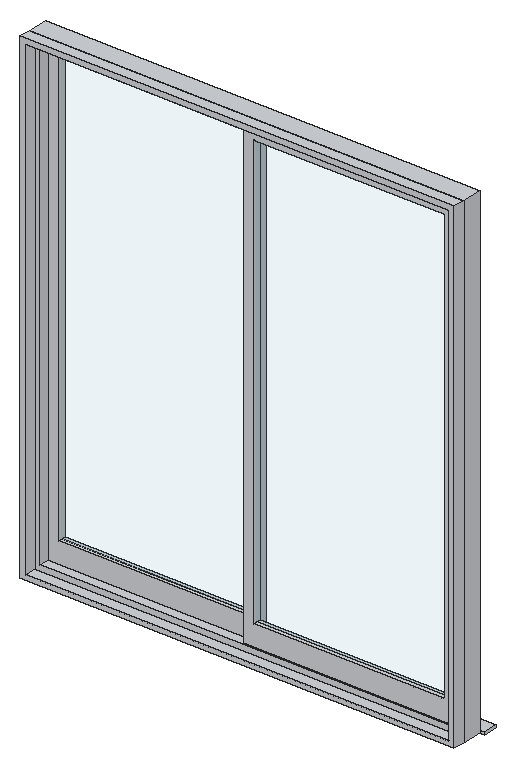
Revit family "引違い掃出窓_2枚", category 窓, Revit 2022
Family settings
  ホスト = 壁
  常に垂直 = はい
  ロード時にボイドで切り取り = いいえ
  共有 = いいえ
  部屋計算ポイント = いいえ
Parameters (values of type "w1600h1800")
  開勝手 = "ダブル パネル縦"
  解析用性能 = "1/8 インチ ピルキントン一重ガラス"
  熱抵抗(R) = 0.1491 (m²·K)/W
  熱伝達係数(U) = 6.7069 W/(m²·K)
  次による断熱プロパティの定義 = スキーマティック タイプ
  Solar Heat Gain Coefficient = 0.86
  Visual Light Transmittance = 0.9
  キーノート = "08520.R1"
  高さ = 1800 mm
  Manufacturer = ""
  既定の腰高 = 200 mm
  開口処理 = ホスト別
  幅 = 1600 mm
  Model = ""
  Type Comments = ""
  サッシ額縁 [instance] = none
  サッシ本体 [instance] = none
  サッシガラス [instance] = ガラス - 透明
  Assembly Code = ""
  額縁見附 = 20 mm
  額縁ちり = 10 mm
  サッシ見附 = 40 mm
  サッシの幅 = 80 mm
Types (4, lengths in mm): name | 高さ | 既定の腰高 | 幅
  w1600h1800 | 1800 | 200 | 1600
  w2000h1800 | 1800 | 200 | 2000
  w1600h2000 | 2000 | 0 | 1600
  w2000h2000 | 2000 | 0 | 2000
Reference planes
  plane 1: y = 0
  plane 2 "中心(左/右)": x = 0
  plane 3 "左": x = -800
  plane 4 "右": x = 800
  plane 5 "額縁": z = 200
  plane 6 "記号": z = 2000
  plane 7 "外部": y = 75
  plane 8 "内部": y = -75
  plane 9: x = -840
  plane 10: z = 2040
  plane 11: x = 840
  plane 12: z = 160
  plane 13: y = 40
  plane 14: y = -40
  plane 15: y = -85
  plane 16: x = -820
  plane 17: x = 820
  plane 18: z = 2020
  plane 19: z = 180
  plane 20: x = -860
  plane 21: x = 860
  plane 22: y = 90
  plane 23: z = 170
  plane 24: x = -20
  plane 25: x = 20
  plane 26: x = -760
  plane 27: x = 760
  plane 28: z = 1960
  plane 29: z = 280
  plane 30: y = 30
  plane 31: y = -30
  plane 32: y = 12.5
  plane 33: y = 17.5
  plane 34: y = -12.5
  plane 35: y = -17.5
  plane 36: x = 100
  plane 37: x = -100
Forms (mm)
  Extrusion 1, solid, material <- "サッシ本体"
    sketch origin (0, 75, 0) x (1, 0, 0) y (0, 0, 1)
      loop
        line (840, 2040) -> (-840, 2040) -> (-840, 160) -> (840, 160) -> (840, 2040)
      loop
        line (-800, 2000) -> (-800, 200) -> (800, 200) -> (800, 2000) -> (-800, 2000)
    from 35 to 115
  Extrusion 2, solid, material <- "サッシ額縁"
    sketch origin (0, -75, 0) x (1, 0, 0) y (0, 0, 1)
      loop
        line (-840, 2040) -> (-840, 160) -> (840, 160) -> (840, 2040) -> (-840, 2040)
      loop
        line (820, 180) -> (820, 2020) -> (-820, 2020) -> (-820, 180) -> (820, 180)
    from -35 to 10
  Extrusion 3, solid, material <- "サッシ本体"
    sketch origin (0, 0, 0) x (1, 0, 0) y (0, 1, 0)
      loop
        line (-860, 90) -> (-860, 40) -> (860, 40) -> (860, 90) -> (-860, 90)
    from 160 to 170
  Extrusion 4, solid, material <- "サッシ本体"
    sketch origin (0, 75, 0) x (1, 0, 0) y (0, 0, 1)
      loop
        line (20, 2000) -> (-800, 2000) -> (-800, 200) -> (20, 200) -> (20, 2000)
      loop
        line (-760, 280) -> (-20, 280) -> (-20, 1960) -> (-760, 1960) -> (-760, 280)
    from 45 to 75
  Extrusion 5, solid, material <- "サッシ本体"
    sketch origin (0, 75, 0) x (1, 0, 0) y (0, 0, 1)
      loop
        line (800, 2000) -> (-20, 2000) -> (-20, 200) -> (800, 200) -> (800, 2000)
      loop
        line (20, 280) -> (760, 280) -> (760, 1960) -> (20, 1960) -> (20, 280)
    from 75 to 105
  Extrusion 6, solid, material "ガラス - 透明" <- "サッシガラス"
    sketch origin (0, 75, 0) x (1, 0, 0) y (0, 0, 1)
      loop
        line (760, 1960) -> (20, 1960) -> (20, 280) -> (760, 280) -> (760, 1960)
    from 87.5 to 92.5
  Extrusion 7, solid, material "ガラス - 透明" <- "サッシガラス"
    sketch origin (0, 75, 0) x (1, 0, 0) y (0, 0, 1)
      loop
        line (-20, 1960) -> (-760, 1960) -> (-760, 280) -> (-20, 280) -> (-20, 1960)
    from 57.5 to 62.5
Lines and regions (mm)
  Opening 1
    outline origin (-5000, -75, 0) x (1, 0, 0) y (0, 0, 1)
      loop
        line (4160, 2040) -> (4160, 160) -> (5840, 160) -> (5840, 2040) -> (4160, 2040)
  symbolic lines, style "Windows", detail levels coarse
    curve 1: line (-800, 30, 0) -> (100, 30, 0)
    curve 2: line (-100, -30, 0) -> (800, -30, 0)
  symbolic lines, style "Windows"
    curve 3: line (0, 250, 0) -> (0, -250, 0)
  symbolic lines, style "WindowsFrameMullionProjection", detail levels medium+fine
    curve 4: line (-800, 40, 0) -> (-840, 40, 0)
    curve 5: line (-800, -40, 0) -> (-800, 40, 0)
    curve 6: line (-840, -40, 0) -> (-800, -40, 0)
    curve 7: line (-840, 40, 0) -> (-840, -40, 0)
    curve 8: line (800, 40, 0) -> (840, 40, 0)
    curve 9: line (800, -40, 0) -> (800, 40, 0)
    curve 10: line (840, -40, 0) -> (800, -40, 0)
    curve 11: line (840, 40, 0) -> (840, -40, 0)
    curve 12: line (-860, 75, 0) -> (-860, 90, 0)
    curve 13: line (-860, 90, 0) -> (860, 90, 0)
    curve 14: line (860, 90, 0) -> (860, 75, 0)
    curve 39: line (-800, 40, 0) -> (800, 40, 0)
  symbolic lines, style "額縁", detail levels medium+fine
    curve 15: line (-840, -40, 0) -> (-840, -85, 0)
    curve 16: line (-840, -85, 0) -> (-820, -85, 0)
    curve 17: line (-820, -85, 0) -> (-820, -40, 0)
    curve 18: line (-820, -85, 0) -> (-840, -85, 0)
    curve 19: line (820, -40, 0) -> (820, -85, 0)
    curve 20: line (820, -85, 0) -> (840, -85, 0)
    curve 21: line (840, -85, 0) -> (840, -40, 0)
    curve 22: line (-800, -40, 0) -> (800, -40, 0)
    curve 23: line (820, -85, 0) -> (-820, -85, 0)
  symbolic lines, style "WindowsOpeningProjection", detail levels medium+fine
    curve 24: line (-800, 30, 0) -> (-760, 30, 0)
    curve 25: line (-760, 30, 0) -> (-760, 0, 0)
    curve 26: line (-760, 0, 0) -> (-800, 0, 0)
    curve 27: line (-20, 30, 0) -> (20, 30, 0)
    curve 28: line (-20, 0, 0) -> (-20, 30, 0)
    curve 29: line (20, 0, 0) -> (-20, 0, 0)
    curve 30: line (20, 30, 0) -> (20, 0, 0)
    curve 31: line (-20, 0, 0) -> (-20, -30, 0)
    curve 32: line (-20, -30, 0) -> (20, -30, 0)
    curve 33: line (20, -30, 0) -> (20, 0, 0)
    curve 34: line (800, 0, 0) -> (760, 0, 0)
    curve 35: line (760, 0, 0) -> (760, -30, 0)
    curve 36: line (760, -30, 0) -> (800, -30, 0)
  symbolic lines, style "WindowsGlassProjection", detail levels medium+fine
    curve 37: line (-20, 15, 0) -> (-760, 15, 0)
    curve 38: line (20, -15, 0) -> (760, -15, 0)
  symbolic lines, style "壁表現", detail levels coarse
    curve 40: line (-840, 75, 0) -> (-800, 75, 0)
    curve 41: line (-800, 75, 0) -> (-800, -75, 0)
    curve 42: line (-800, -75, 0) -> (-840, -75, 0)
    curve 43: line (840, 75, 0) -> (800, 75, 0)
    curve 44: line (800, 75, 0) -> (800, -75, 0)
    curve 45: line (800, -75, 0) -> (840, -75, 0)
Text (mm)
  text "外部" at (-1963.203, 1332.353, 0), in view "基準レベル"
  text "内部" at (-1981.466, -818.386, 0), in view "基準レベル"
  text "外部" at (0, 923.751, 2943.296), in view "右"
  text "外部" at (0, 1040.484, 2685.409), in view "左"
Dimensions and locks
  equal spacing: plane 3 "左", plane 2 "中心(左/右)", plane 4 "右"
  "幅": plane 3 "左" to plane 4 "右"
  "高さ": plane 5 "額縁" to plane 6 "記号"
  "既定の腰高": plane 5 "額縁" to level
  locked: plane 7 "外部" to host wall
  locked: plane 8 "内部" to host wall
  "サッシ見附": plane 10 to plane 6 "記号"
  "サッシ見附": plane 5 "額縁" to plane 12
  "サッシ見附": plane 4 "右" to plane 11
  "サッシ見附": plane 9 to plane 3 "左"
  equal spacing: plane 13, plane 1, plane 14
  "サッシの幅": plane 13 to plane 14
  "額縁ちり": plane 15 to plane 8 "内部"
  "額縁見附": plane 9 to plane 16
  "額縁見附": plane 17 to plane 11
  "額縁見附": plane 10 to plane 18
  "額縁見附": plane 19 to plane 12
  locked: plane 20 to plane 9 at 20
  locked: plane 11 to plane 21 at 20
  locked: plane 7 "外部" to plane 22 at 15
  locked: plane 23 to plane 12 at 10
  locked: plane 2 "中心(左/右)" to plane 25 at 20
  locked: plane 24 to plane 2 "中心(左/右)" at 20
  locked: plane 3 "左" to plane 26 at 40
  locked: plane 27 to plane 4 "右" at 40
  locked: plane 28 to plane 6 "記号" at 40
  locked: plane 1 to plane 30 at 30
  locked: plane 31 to plane 1 at 30
  locked: plane 34 to plane 1 at 12.5
  locked: plane 35 to plane 34 at 5
  locked: plane 1 to plane 32 at 12.5
  locked: plane 32 to plane 33 at 5
  locked: plane 2 "中心(左/右)" to plane 36 at 100
  locked: plane 37 to plane 2 "中心(左/右)" at 100
  locked: plane 29 to plane 5 "額縁" at 80
  aligned and locked: plane 13 to Extrusion 1
  aligned and locked: Extrusion 1 to plane 14
  aligned and locked: plane 15 to Extrusion 2
  aligned and locked: plane 23 to Extrusion 3
  aligned and locked: Extrusion 3 to plane 12
  aligned and locked: plane 1 to Extrusion 4
  aligned and locked: Extrusion 4 to plane 30
  aligned and locked: plane 31 to Extrusion 5
  aligned and locked: Extrusion 5 to plane 1
  aligned and locked: Extrusion 6 to plane 34
  aligned and locked: Extrusion 6 to plane 35
  aligned and locked: Extrusion 7 to plane 33
  aligned and locked: Extrusion 7 to plane 32
  aligned and locked: plane 14 to Extrusion 2
Automatic sketch dimensions
  Extrusion 1 sketch curve to plane 9 = 0 mm
  Extrusion 1 sketch curve to plane 3 "左" = 0 mm
  Extrusion 1 sketch curve to plane 4 "右" = 0 mm
  Extrusion 1 sketch curve to plane 11 = 0 mm
  Extrusion 1 sketch curve to plane 12 = 0 mm
  Extrusion 1 sketch curve to plane 5 "額縁" = 0 mm
  Extrusion 1 sketch curve to plane 6 "記号" = 0 mm
  Extrusion 1 sketch curve to plane 10 = 0 mm
  Extrusion 2 sketch curve to plane 9 = 0 mm
  Extrusion 2 sketch curve to plane 16 = 0 mm
  Extrusion 2 sketch curve to plane 17 = 0 mm
  Extrusion 2 sketch curve to plane 10 = 0 mm
  Extrusion 2 sketch curve to plane 11 = 0 mm
  Extrusion 2 sketch curve to plane 12 = 0 mm
  Extrusion 2 sketch curve to plane 19 = 0 mm
  Extrusion 2 sketch curve to plane 18 = 0 mm
  Extrusion 3 sketch curve to plane 13 = 0 mm
  Extrusion 3 sketch curve to plane 20 = 0 mm
  Extrusion 3 sketch curve to plane 21 = 0 mm
  Extrusion 3 sketch curve to plane 22 = 0 mm
  Extrusion 4 sketch curve to plane 3 "左" = 0 mm
  Extrusion 4 sketch curve to plane 26 = 0 mm
  Extrusion 4 sketch curve to plane 24 = 0 mm
  Extrusion 4 sketch curve to plane 5 "額縁" = 0 mm
  Extrusion 4 sketch curve to plane 25 = 0 mm
  Extrusion 4 sketch curve to plane 29 = 0 mm
  Extrusion 4 sketch curve to plane 28 = 0 mm
  Extrusion 4 sketch curve to plane 6 "記号" = 0 mm
  Extrusion 5 sketch curve to plane 6 "記号" = 0 mm
  Extrusion 5 sketch curve to plane 24 = 0 mm
  Extrusion 5 sketch curve to plane 25 = 0 mm
  Extrusion 5 sketch curve to plane 27 = 0 mm
  Extrusion 5 sketch curve to plane 4 "右" = 0 mm
  Extrusion 5 sketch curve to plane 5 "額縁" = 0 mm
  Extrusion 5 sketch curve to plane 29 = 0 mm
  Extrusion 5 sketch curve to plane 28 = 0 mm
  Extrusion 6 sketch curve to plane 25 = 0 mm
  Extrusion 6 sketch curve to plane 27 = 0 mm
  Extrusion 6 sketch curve to plane 29 = 0 mm
  Extrusion 6 sketch curve to plane 28 = 0 mm
  Extrusion 7 sketch curve to plane 26 = 0 mm
  Extrusion 7 sketch curve to plane 24 = 0 mm
  Extrusion 7 sketch curve to plane 29 = 0 mm
  Extrusion 7 sketch curve to plane 28 = 0 mm
  Opening 1 sketch curve to plane 9 = 0 mm
  Opening 1 sketch curve to plane 11 = 0 mm
  Opening 1 sketch curve to plane 12 = 0 mm
  Opening 1 sketch curve to plane 10 = 0 mm
  curve 12 to host wall = 0 mm
  curve 12 to plane 20 = 0 mm
  curve 18 to plane 9 = 0 mm
  curve 40 to host wall = 0 mm
  curve 40 to plane 9 = 0 mm
  curve 23 to plane 15 = 0 mm
  curve 23 to plane 16 = 0 mm
  curve 40 to plane 3 "左" = 0 mm
  curve 6 to plane 3 "左" = 0 mm
  curve 26 to host wall = 0 mm
  curve 26 to plane 26 = 0 mm
  curve 2 to plane 31 = 0 mm
  curve 2 to plane 37 = 0 mm
  curve 27 to plane 24 = 0 mm
  curve 3 to plane 2 "中心(左/右)" = 0 mm
  curve 38 to plane 25 = 0 mm
  curve 1 to plane 30 = 0 mm
  curve 1 to plane 36 = 0 mm
  curve 35 to plane 27 = 0 mm
  curve 36 to plane 4 "右" = 0 mm
  curve 44 to host wall = 0 mm
  curve 44 to plane 4 "右" = 0 mm
  curve 20 to plane 17 = 0 mm
  curve 10 to plane 11 = 0 mm
  curve 43 to host wall = 0 mm
  curve 43 to plane 11 = 0 mm
  curve 13 to plane 21 = 0 mm
  curve 41 to host wall = 0 mm
  curve 10 to plane 14 = 0 mm
  curve 36 to plane 31 = 0 mm
  curve 32 to plane 31 = 0 mm
  curve 35 to host wall = 0 mm
  curve 29 to host wall = 0 mm
  curve 24 to plane 30 = 0 mm
  curve 28 to plane 30 = 0 mm
  curve 9 to plane 13 = 0 mm
  curve 14 to host wall = 0 mm
  curve 13 to plane 22 = 0 mm
  plane 15 to curve 3 = 165 mm
  plane 34 to curve 38 = 2.5 mm
  curve 37 to plane 32 = 2.5 mm
  curve 3 to plane 22 = 160 mm
